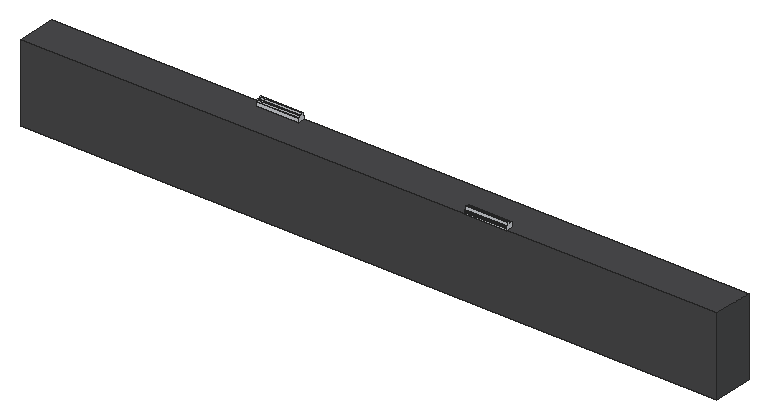
Revit family "DTM30U6.1.24", category Luminarias, Revit 2019
Family settings
  Cota de conector redondo = Diámetro de uso
  Tipo de pieza = Normal
  Se basa en plano de trabajo = Sí
  Siempre vertical = Sí
  Corte con vacíos al cargar = No
  Origen de luz = Sí
  Compartido = No
  Punto de cálculo de habitación = No
Parameters (values of type "RECTANGULAR DWN RIEL_DTM30U6.1.24")
  Ángulo de inclinación = 60.00°
  Zone [instance] = ""
  Watt per fixture = 15
  Wattage = 30.4 W
  built-in parameter 1150107 = 2700 (stored number, unit not read)
  built-in parameter 1150110 = 1 (stored number, unit not read)
  built-in parameter 1150109 = 1 (stored number, unit not read)
  built-in parameter 1150112 = 1 (stored number, unit not read)
  built-in parameter 1150113 = 1 (stored number, unit not read)
  built-in parameter 1114218 = 1 (stored number, unit not read)
  Keynote = ""
  built-in parameter 1150137 = (empty or 0)
  built-in parameter 1150132 = (empty or 0)
  Modelo = "DTM30U6.1.24"
  Lámpara = "3030SMD PHILIPS"
  built-in parameter 1150105 = 198.37 (stored number, unit not read)
  built-in parameter 1150102 = (empty or 0)
  built-in parameter 1150106 = 1.9837 (stored number, unit not read)
  Lumens = 2492.8 lm
  Color Filter = 16777215
  built-in parameter 1114217 = 1 (stored number, unit not read)
  built-in parameter 1150139 = (empty or 0)
  Fabricante = "BRILLANT"
  Default Elevation = 1219.2 mm
  built-in parameter 1150104 = 7.618 (stored number, unit not read)
  Descripción = "LUMINARIA DOWNLIGHT EN FORMATO RECTANGULAR COMPATIBLE CON RIEL DE 6 ENTRADAS Y 3 CIRCUITOS, CUERPO DE ALUMINIO ACABADO EN COLOR NEGRO, IP 20, PESO 1.40Kg, TIPO DE LED 3030SMD PHILIPS CON 30.4W TOTAL, 2300 LUMENES, 82LM/W, IRC 90, TEMPERATURA EN BLANCO CALIDO 2700K, 50 MIL HORAS DE VIDA PROMEDIO, APERTURA DE 24 GRADOS POR STOCK, ALIMENTADO A 90-240V"
  built-in parameter 1150115 = 1 (stored number, unit not read)
  built-in parameter 1150114 = 1 (stored number, unit not read)
  Comentarios de vataje = "90-240V"
  built-in parameter 1150138 = (empty or 0)
  built-in parameter 1150134 = (empty or 0)
  Circuit [instance] = ""
  Dimming Lamp Color Temperature Shift = (empty or 0)
  Archivo de red fotométrica = "L646A-30W-827-B-24_IESNA95.IES"
  built-in parameter 1150133 = 10 (stored number, unit not read)
Reference planes
  plane 1 "Centro (Frontal/Posterior)": y = 0
  plane 2: z = 0
  plane 3 "Centro (Izquierda/Derecha)": x = 0
Forms (mm)
  Extrusion 1, solid, material "Default Form"
    sketch origin (0, 0, 0) x (1, 0, 0) y (0, 0, 1)
      loop
        line (-323, 0) -> (-323, -72) -> (323, -72) -> (323, 0) -> (-323, 0)
    from -18.326 to 18.326
  Extrusion 2, solid
    sketch origin (0, 0, 3.217) x (0, 1, 0) y (0, 0, 1)
      loop
        line (-12.149, -3.217) -> (-12.149, 0) -> (-12.935, 0) -> (-12.935, 1.637) -> (-13.796, 1.637) -> (-13.796, 0) -> (-14.582, 0) -> (-14.582, 0.811) -> (-15.443, 0.811) -> (-15.443, 0) -> (-16.233, 0) -> (-16.233, 2.691) -> (-17.279, 2.691) -> (-17.279, 0) -> (-18.061, 0) -> (-18.061, -0.861) -> (-17.162, -0.861) -> (-17.162, -2.042) -> (-18.326, -2.042) -> (-18.326, -3.217) -> (-12.149, -3.217)
    from 89.098 to 128.24
  Extrusion 3, solid
    sketch origin (0, 0, 3.217) x (0, -1, 0) y (0, 0, 1)
      loop
        line (-12.149, -3.217) -> (-12.149, 0) -> (-12.935, 0) -> (-12.935, 1.637) -> (-13.796, 1.637) -> (-13.796, 0) -> (-14.582, 0) -> (-14.582, 0.811) -> (-15.443, 0.811) -> (-15.443, 0) -> (-16.233, 0) -> (-16.233, 2.691) -> (-17.279, 2.691) -> (-17.279, 0) -> (-18.061, 0) -> (-18.061, -0.861) -> (-17.162, -0.861) -> (-17.162, -2.042) -> (-18.326, -2.042) -> (-18.326, -3.217) -> (-12.149, -3.217)
    from 89.098 to 128.24
  Blend 4, void
    base sketch origin (-142.93, 0, 0) x (1, 0, 0) y (0, 1, 0)
      loop
        line (-162, 16.149) -> (-162, -16.149) -> (-144.14, -16.149) -> (-144.14, 16.149) -> (-162, 16.149)
    top sketch origin (-142.93, 0, 0) x (1, 0, 0) y (0, 1, 0)
      loop
        line (-160, 12.149) -> (-160, -12.149) -> (-146.14, -12.149) -> (-146.14, 12.149) -> (-160, 12.149)
    from -72 to -61.591
  Blend 5, void
    base sketch origin (-115.93, 0, 0) x (1, 0, 0) y (0, 1, 0)
      loop
        line (-162, 16.149) -> (-162, -16.149) -> (-144.14, -16.149) -> (-144.14, 16.149) -> (-162, 16.149)
    top sketch origin (-115.93, 0, 0) x (1, 0, 0) y (0, 1, 0)
      loop
        line (-160, 12.149) -> (-160, -12.149) -> (-146.14, -12.149) -> (-146.14, 12.149) -> (-160, 12.149)
    from -72 to -61.591
  Blend 6, void
    base sketch origin (-88.93, 0, 0) x (1, 0, 0) y (0, 1, 0)
      loop
        line (-162, 16.149) -> (-162, -16.149) -> (-144.14, -16.149) -> (-144.14, 16.149) -> (-162, 16.149)
    top sketch origin (-88.93, 0, 0) x (1, 0, 0) y (0, 1, 0)
      loop
        line (-160, 12.149) -> (-160, -12.149) -> (-146.14, -12.149) -> (-146.14, 12.149) -> (-160, 12.149)
    from -72 to -61.591
  Blend 7, void
    base sketch origin (-61.93, 0, 0) x (1, 0, 0) y (0, 1, 0)
      loop
        line (-162, 16.149) -> (-162, -16.149) -> (-144.14, -16.149) -> (-144.14, 16.149) -> (-162, 16.149)
    top sketch origin (-61.93, 0, 0) x (1, 0, 0) y (0, 1, 0)
      loop
        line (-160, 12.149) -> (-160, -12.149) -> (-146.14, -12.149) -> (-146.14, 12.149) -> (-160, 12.149)
    from -72 to -61.591
  Blend 8, void
    base sketch origin (-34.93, 0, 0) x (1, 0, 0) y (0, 1, 0)
      loop
        line (-162, 16.149) -> (-162, -16.149) -> (-144.14, -16.149) -> (-144.14, 16.149) -> (-162, 16.149)
    top sketch origin (-34.93, 0, 0) x (1, 0, 0) y (0, 1, 0)
      loop
        line (-160, 12.149) -> (-160, -12.149) -> (-146.14, -12.149) -> (-146.14, 12.149) -> (-160, 12.149)
    from -72 to -61.591
  Blend 9, void
    base sketch origin (-7.93, 0, 0) x (1, 0, 0) y (0, 1, 0)
      loop
        line (-162, 16.149) -> (-162, -16.149) -> (-144.14, -16.149) -> (-144.14, 16.149) -> (-162, 16.149)
    top sketch origin (-7.93, 0, 0) x (1, 0, 0) y (0, 1, 0)
      loop
        line (-160, 12.149) -> (-160, -12.149) -> (-146.14, -12.149) -> (-146.14, 12.149) -> (-160, 12.149)
    from -72 to -61.591
  Blend 10, void
    base sketch origin (19.07, 0, 0) x (1, 0, 0) y (0, 1, 0)
      loop
        line (-162, 16.149) -> (-162, -16.149) -> (-144.14, -16.149) -> (-144.14, 16.149) -> (-162, 16.149)
    top sketch origin (19.07, 0, 0) x (1, 0, 0) y (0, 1, 0)
      loop
        line (-160, 12.149) -> (-160, -12.149) -> (-146.14, -12.149) -> (-146.14, 12.149) -> (-160, 12.149)
    from -72 to -61.591
  Blend 11, void
    base sketch origin (46.07, 0, 0) x (1, 0, 0) y (0, 1, 0)
      loop
        line (-162, 16.149) -> (-162, -16.149) -> (-144.14, -16.149) -> (-144.14, 16.149) -> (-162, 16.149)
    top sketch origin (46.07, 0, 0) x (1, 0, 0) y (0, 1, 0)
      loop
        line (-160, 12.149) -> (-160, -12.149) -> (-146.14, -12.149) -> (-146.14, 12.149) -> (-160, 12.149)
    from -72 to -61.591
  Blend 12, void
    base sketch origin (73.07, 0, 0) x (1, 0, 0) y (0, 1, 0)
      loop
        line (-162, 16.149) -> (-162, -16.149) -> (-144.14, -16.149) -> (-144.14, 16.149) -> (-162, 16.149)
    top sketch origin (73.07, 0, 0) x (1, 0, 0) y (0, 1, 0)
      loop
        line (-160, 12.149) -> (-160, -12.149) -> (-146.14, -12.149) -> (-146.14, 12.149) -> (-160, 12.149)
    from -72 to -61.591
  Blend 13, void
    base sketch origin (100.07, 0, 0) x (1, 0, 0) y (0, 1, 0)
      loop
        line (-162, 16.149) -> (-162, -16.149) -> (-144.14, -16.149) -> (-144.14, 16.149) -> (-162, 16.149)
    top sketch origin (100.07, 0, 0) x (1, 0, 0) y (0, 1, 0)
      loop
        line (-160, 12.149) -> (-160, -12.149) -> (-146.14, -12.149) -> (-146.14, 12.149) -> (-160, 12.149)
    from -72 to -61.591
  Blend 14, void
    base sketch origin (127.07, 0, 0) x (1, 0, 0) y (0, 1, 0)
      loop
        line (-162, 16.149) -> (-162, -16.149) -> (-144.14, -16.149) -> (-144.14, 16.149) -> (-162, 16.149)
    top sketch origin (127.07, 0, 0) x (1, 0, 0) y (0, 1, 0)
      loop
        line (-160, 12.149) -> (-160, -12.149) -> (-146.14, -12.149) -> (-146.14, 12.149) -> (-160, 12.149)
    from -72 to -61.591
  Blend 15, void
    base sketch origin (154.07, 0, 0) x (1, 0, 0) y (0, 1, 0)
      loop
        line (-162, 16.149) -> (-162, -16.149) -> (-144.14, -16.149) -> (-144.14, 16.149) -> (-162, 16.149)
    top sketch origin (154.07, 0, 0) x (1, 0, 0) y (0, 1, 0)
      loop
        line (-160, 12.149) -> (-160, -12.149) -> (-146.14, -12.149) -> (-146.14, 12.149) -> (-160, 12.149)
    from -72 to -61.591
  Blend 16, void
    base sketch origin (181.07, 0, 0) x (1, 0, 0) y (0, 1, 0)
      loop
        line (-162, 16.149) -> (-162, -16.149) -> (-144.14, -16.149) -> (-144.14, 16.149) -> (-162, 16.149)
    top sketch origin (181.07, 0, 0) x (1, 0, 0) y (0, 1, 0)
      loop
        line (-160, 12.149) -> (-160, -12.149) -> (-146.14, -12.149) -> (-146.14, 12.149) -> (-160, 12.149)
    from -72 to -61.591
  Blend 17, void
    base sketch origin (208.07, 0, 0) x (1, 0, 0) y (0, 1, 0)
      loop
        line (-162, 16.149) -> (-162, -16.149) -> (-144.14, -16.149) -> (-144.14, 16.149) -> (-162, 16.149)
    top sketch origin (208.07, 0, 0) x (1, 0, 0) y (0, 1, 0)
      loop
        line (-160, 12.149) -> (-160, -12.149) -> (-146.14, -12.149) -> (-146.14, 12.149) -> (-160, 12.149)
    from -72 to -61.591
  Blend 18, void
    base sketch origin (235.07, 0, 0) x (1, 0, 0) y (0, 1, 0)
      loop
        line (-162, 16.149) -> (-162, -16.149) -> (-144.14, -16.149) -> (-144.14, 16.149) -> (-162, 16.149)
    top sketch origin (235.07, 0, 0) x (1, 0, 0) y (0, 1, 0)
      loop
        line (-160, 12.149) -> (-160, -12.149) -> (-146.14, -12.149) -> (-146.14, 12.149) -> (-160, 12.149)
    from -72 to -61.591
  Blend 19, void
    base sketch origin (262.07, 0, 0) x (1, 0, 0) y (0, 1, 0)
      loop
        line (-162, 16.149) -> (-162, -16.149) -> (-144.14, -16.149) -> (-144.14, 16.149) -> (-162, 16.149)
    top sketch origin (262.07, 0, 0) x (1, 0, 0) y (0, 1, 0)
      loop
        line (-160, 12.149) -> (-160, -12.149) -> (-146.14, -12.149) -> (-146.14, 12.149) -> (-160, 12.149)
    from -72 to -61.591
  Blend 20, void
    base sketch origin (289.07, 0, 0) x (1, 0, 0) y (0, 1, 0)
      loop
        line (-162, 16.149) -> (-162, -16.149) -> (-144.14, -16.149) -> (-144.14, 16.149) -> (-162, 16.149)
    top sketch origin (289.07, 0, 0) x (1, 0, 0) y (0, 1, 0)
      loop
        line (-160, 12.149) -> (-160, -12.149) -> (-146.14, -12.149) -> (-146.14, 12.149) -> (-160, 12.149)
    from -72 to -61.591
  Blend 21, void
    base sketch origin (316.07, 0, 0) x (1, 0, 0) y (0, 1, 0)
      loop
        line (-162, 16.149) -> (-162, -16.149) -> (-144.14, -16.149) -> (-144.14, 16.149) -> (-162, 16.149)
    top sketch origin (316.07, 0, 0) x (1, 0, 0) y (0, 1, 0)
      loop
        line (-160, 12.149) -> (-160, -12.149) -> (-146.14, -12.149) -> (-146.14, 12.149) -> (-160, 12.149)
    from -72 to -61.591
  Blend 22, void
    base sketch origin (343.07, 0, 0) x (1, 0, 0) y (0, 1, 0)
      loop
        line (-162, 16.149) -> (-162, -16.149) -> (-144.14, -16.149) -> (-144.14, 16.149) -> (-162, 16.149)
    top sketch origin (343.07, 0, 0) x (1, 0, 0) y (0, 1, 0)
      loop
        line (-160, 12.149) -> (-160, -12.149) -> (-146.14, -12.149) -> (-146.14, 12.149) -> (-160, 12.149)
    from -72 to -61.591
  Blend 23, void
    base sketch origin (370.07, 0, 0) x (1, 0, 0) y (0, 1, 0)
      loop
        line (-162, 16.149) -> (-162, -16.149) -> (-144.14, -16.149) -> (-144.14, 16.149) -> (-162, 16.149)
    top sketch origin (370.07, 0, 0) x (1, 0, 0) y (0, 1, 0)
      loop
        line (-160, 12.149) -> (-160, -12.149) -> (-146.14, -12.149) -> (-146.14, 12.149) -> (-160, 12.149)
    from -72 to -61.591
  Blend 24, void
    base sketch origin (397.07, 0, 0) x (1, 0, 0) y (0, 1, 0)
      loop
        line (-162, 16.149) -> (-162, -16.149) -> (-144.14, -16.149) -> (-144.14, 16.149) -> (-162, 16.149)
    top sketch origin (397.07, 0, 0) x (1, 0, 0) y (0, 1, 0)
      loop
        line (-160, 12.149) -> (-160, -12.149) -> (-146.14, -12.149) -> (-146.14, 12.149) -> (-160, 12.149)
    from -72 to -61.591
  Blend 25, void
    base sketch origin (424.07, 0, 0) x (1, 0, 0) y (0, 1, 0)
      loop
        line (-162, 16.149) -> (-162, -16.149) -> (-144.14, -16.149) -> (-144.14, 16.149) -> (-162, 16.149)
    top sketch origin (424.07, 0, 0) x (1, 0, 0) y (0, 1, 0)
      loop
        line (-160, 12.149) -> (-160, -12.149) -> (-146.14, -12.149) -> (-146.14, 12.149) -> (-160, 12.149)
    from -72 to -61.591
  Blend 26, void
    base sketch origin (451.07, 0, 0) x (1, 0, 0) y (0, 1, 0)
      loop
        line (-162, 16.149) -> (-162, -16.149) -> (-144.14, -16.149) -> (-144.14, 16.149) -> (-162, 16.149)
    top sketch origin (451.07, 0, 0) x (1, 0, 0) y (0, 1, 0)
      loop
        line (-160, 12.149) -> (-160, -12.149) -> (-146.14, -12.149) -> (-146.14, 12.149) -> (-160, 12.149)
    from -72 to -61.591
Cuts and joins
  Blend 4, Blend 5, Blend 6, Blend 7, Blend 8, Blend 9, Blend 10, Blend 11, Blend 12, Blend 13, Blend 14, Blend 15, Blend 16, Blend 17, Blend 18, Blend 19, Blend 20, Blend 21, Blend 22, Blend 23, Blend 24, Blend 25, Blend 26 cuts Extrusion 1
Dimensions and locks
  equal spacing: Extrusion 1, plane 1 "Centro (Frontal/Posterior)", Extrusion 1
  Extrusion 1 to plane 1 "Centro (Frontal/Posterior)" = 18.326 mm
  Extrusion 1 to Extrusion 1 = 36.651 mm
  Extrusion 1 to Extrusion 1 = 72 mm
  Extrusion 1 to Extrusion 1 = 646 mm
  cut or joined group 1 (Extrusion 1, Blend 4, Blend 5, Blend 6, Blend 7, Blend 8, Blend 9, Blend 10, Blend 11, Blend 12, Blend 13, Blend 14, Blend 15, Blend 16, Blend 17, Blend 18, Blend 19, Blend 20, Blend 21, Blend 22, Blend 23, Blend 24, Blend 25, Blend 26) to cut or joined group 1 = 72 mm
  cut or joined group 1 to cut or joined group 1 = 36.651 mm
  cut or joined group 1 to cut or joined group 1 = 646 mm
  equal spacing: cut or joined group 1, plane 1 "Centro (Frontal/Posterior)", cut or joined group 1
  aligned and locked: level to plane 2
Automatic sketch dimensions
  Extrusion 1 sketch curve to level = 0 mm
  Extrusion 1 sketch curve to level = 72 mm
  Extrusion 1 sketch curve to plane 3 "Centro (Izquierda/Derecha)" = 323 mm
  plane 3 "Centro (Izquierda/Derecha)" to Extrusion 1 sketch curve = 323 mm
  Extrusion 2 sketch curve to level = 0 mm
  level to Extrusion 2 sketch curve = 1.175 mm
  plane 1 "Centro (Frontal/Posterior)" to Extrusion 2 sketch curve = 18.326 mm
  Extrusion 2 sketch curve to Extrusion 2 sketch curve = 0.265 mm
  Extrusion 2 sketch curve to Extrusion 2 sketch curve = 0.782 mm
  Extrusion 2 sketch curve to Extrusion 2 sketch curve = 1.164 mm
  Extrusion 2 sketch curve to Extrusion 2 sketch curve = 1.046 mm
  Extrusion 2 sketch curve to Extrusion 2 sketch curve = 0.789 mm
  Extrusion 2 sketch curve to Extrusion 2 sketch curve = 0.861 mm  (x3)
  Extrusion 2 sketch curve to Extrusion 2 sketch curve = 0.786 mm
  Extrusion 2 sketch curve to Extrusion 2 sketch curve = 0.785 mm
  Extrusion 2 sketch curve to Extrusion 2 sketch curve = 1.181 mm
  level to Extrusion 2 sketch curve = 3.217 mm
  Extrusion 2 sketch curve to Extrusion 2 sketch curve = 0 mm  (x2)
  Extrusion 2 sketch curve to Extrusion 2 sketch curve = 0.811 mm
  Extrusion 2 sketch curve to Extrusion 2 sketch curve = 0.826 mm
  Extrusion 2 sketch curve to Extrusion 2 sketch curve = 1.88 mm
  Extrusion 3 sketch curve to level = 0 mm
  level to Extrusion 3 sketch curve = 1.175 mm
  Extrusion 3 sketch curve to plane 1 "Centro (Frontal/Posterior)" = 18.326 mm
  Extrusion 3 sketch curve to Extrusion 3 sketch curve = 0.265 mm
  Extrusion 3 sketch curve to Extrusion 3 sketch curve = 0.782 mm
  Extrusion 3 sketch curve to Extrusion 3 sketch curve = 1.164 mm
  Extrusion 3 sketch curve to Extrusion 3 sketch curve = 1.046 mm
  Extrusion 3 sketch curve to Extrusion 3 sketch curve = 0.789 mm
  Extrusion 3 sketch curve to Extrusion 3 sketch curve = 0.861 mm  (x3)
  Extrusion 3 sketch curve to Extrusion 3 sketch curve = 0.786 mm
  Extrusion 3 sketch curve to Extrusion 3 sketch curve = 0.785 mm
  Extrusion 3 sketch curve to Extrusion 3 sketch curve = 1.181 mm
  level to Extrusion 3 sketch curve = 3.217 mm
  Extrusion 3 sketch curve to Extrusion 3 sketch curve = 0 mm  (x2)
  Extrusion 3 sketch curve to Extrusion 3 sketch curve = 0.811 mm
  Extrusion 3 sketch curve to Extrusion 3 sketch curve = 0.826 mm
  Extrusion 3 sketch curve to Extrusion 3 sketch curve = 1.88 mm
  Blend 4 sketch curve to plane 1 "Centro (Frontal/Posterior)" = 16.149 mm
  Blend 4 sketch curve to plane 3 "Centro (Izquierda/Derecha)" = 304.93 mm
  Blend 4 sketch curve to Blend 4 sketch curve = 17.86 mm
  plane 1 "Centro (Frontal/Posterior)" to Blend 4 sketch curve = 16.149 mm
  Blend 4 sketch curve to plane 1 "Centro (Frontal/Posterior)" = 12.149 mm
  Blend 4 sketch curve to plane 3 "Centro (Izquierda/Derecha)" = 302.93 mm
  Blend 4 sketch curve to Blend 4 sketch curve = 13.86 mm
  plane 1 "Centro (Frontal/Posterior)" to Blend 4 sketch curve = 12.149 mm
  Blend 5 sketch curve to Blend 5 sketch curve = 17.86 mm
  Blend 5 sketch curve to Blend 5 sketch curve = 13.86 mm
  Blend 5 sketch curve to Blend 5 sketch curve = 32.298 mm
  Blend 5 sketch curve to Blend 5 sketch curve = 24.298 mm
  Blend 6 sketch curve to Blend 6 sketch curve = 17.86 mm
  Blend 6 sketch curve to Blend 6 sketch curve = 13.86 mm
  Blend 6 sketch curve to Blend 6 sketch curve = 32.298 mm
  Blend 6 sketch curve to Blend 6 sketch curve = 24.298 mm
  Blend 7 sketch curve to Blend 7 sketch curve = 17.86 mm
  Blend 7 sketch curve to Blend 7 sketch curve = 13.86 mm
  Blend 7 sketch curve to Blend 7 sketch curve = 32.298 mm
  Blend 7 sketch curve to Blend 7 sketch curve = 24.298 mm
  Blend 8 sketch curve to Blend 8 sketch curve = 17.86 mm
  Blend 8 sketch curve to Blend 8 sketch curve = 13.86 mm
  Blend 8 sketch curve to Blend 8 sketch curve = 32.298 mm
  Blend 8 sketch curve to Blend 8 sketch curve = 24.298 mm
  Blend 9 sketch curve to Blend 9 sketch curve = 17.86 mm
  Blend 9 sketch curve to Blend 9 sketch curve = 13.86 mm
  Blend 9 sketch curve to Blend 9 sketch curve = 32.298 mm
  Blend 9 sketch curve to Blend 9 sketch curve = 24.298 mm
  Blend 10 sketch curve to Blend 10 sketch curve = 17.86 mm
  Blend 10 sketch curve to Blend 10 sketch curve = 13.86 mm
  Blend 10 sketch curve to Blend 10 sketch curve = 32.298 mm
  Blend 10 sketch curve to Blend 10 sketch curve = 24.298 mm
  Blend 11 sketch curve to Blend 11 sketch curve = 17.86 mm
  Blend 11 sketch curve to Blend 11 sketch curve = 13.86 mm
  Blend 11 sketch curve to Blend 11 sketch curve = 32.298 mm
  Blend 11 sketch curve to Blend 11 sketch curve = 24.298 mm
  Blend 12 sketch curve to Blend 12 sketch curve = 17.86 mm
  Blend 12 sketch curve to Blend 12 sketch curve = 13.86 mm
  Blend 12 sketch curve to Blend 12 sketch curve = 32.298 mm
  Blend 12 sketch curve to Blend 12 sketch curve = 24.298 mm
  Blend 13 sketch curve to Blend 13 sketch curve = 17.86 mm
  Blend 13 sketch curve to Blend 13 sketch curve = 13.86 mm
  Blend 13 sketch curve to Blend 13 sketch curve = 32.298 mm
  Blend 13 sketch curve to Blend 13 sketch curve = 24.298 mm
  Blend 14 sketch curve to Blend 14 sketch curve = 17.86 mm
  Blend 14 sketch curve to Blend 14 sketch curve = 13.86 mm
  Blend 14 sketch curve to Blend 14 sketch curve = 32.298 mm
  Blend 14 sketch curve to Blend 14 sketch curve = 24.298 mm
  Blend 15 sketch curve to Blend 15 sketch curve = 17.86 mm
  Blend 15 sketch curve to Blend 15 sketch curve = 13.86 mm
  Blend 15 sketch curve to Blend 15 sketch curve = 32.298 mm
  Blend 15 sketch curve to Blend 15 sketch curve = 24.298 mm
  Blend 16 sketch curve to Blend 16 sketch curve = 17.86 mm
  Blend 16 sketch curve to Blend 16 sketch curve = 13.86 mm
  Blend 16 sketch curve to Blend 16 sketch curve = 32.298 mm
  Blend 16 sketch curve to Blend 16 sketch curve = 24.298 mm
  Blend 17 sketch curve to Blend 17 sketch curve = 17.86 mm
  Blend 17 sketch curve to Blend 17 sketch curve = 13.86 mm
  Blend 17 sketch curve to Blend 17 sketch curve = 32.298 mm
  Blend 17 sketch curve to Blend 17 sketch curve = 24.298 mm
  Blend 18 sketch curve to Blend 18 sketch curve = 17.86 mm
  Blend 18 sketch curve to Blend 18 sketch curve = 13.86 mm
  Blend 18 sketch curve to Blend 18 sketch curve = 32.298 mm
  Blend 18 sketch curve to Blend 18 sketch curve = 24.298 mm
  Blend 19 sketch curve to Blend 19 sketch curve = 17.86 mm
  Blend 19 sketch curve to Blend 19 sketch curve = 13.86 mm
  Blend 19 sketch curve to Blend 19 sketch curve = 32.298 mm
  Blend 19 sketch curve to Blend 19 sketch curve = 24.298 mm
  Blend 20 sketch curve to Blend 20 sketch curve = 17.86 mm
  Blend 20 sketch curve to Blend 20 sketch curve = 13.86 mm
  Blend 20 sketch curve to Blend 20 sketch curve = 32.298 mm
  Blend 20 sketch curve to Blend 20 sketch curve = 24.298 mm
  Blend 21 sketch curve to Blend 21 sketch curve = 17.86 mm
  Blend 21 sketch curve to Blend 21 sketch curve = 13.86 mm
  Blend 21 sketch curve to Blend 21 sketch curve = 32.298 mm
  Blend 21 sketch curve to Blend 21 sketch curve = 24.298 mm
  Blend 22 sketch curve to Blend 22 sketch curve = 17.86 mm
  Blend 22 sketch curve to Blend 22 sketch curve = 13.86 mm
  Blend 22 sketch curve to Blend 22 sketch curve = 32.298 mm
  Blend 22 sketch curve to Blend 22 sketch curve = 24.298 mm
  Blend 23 sketch curve to Blend 23 sketch curve = 17.86 mm
  Blend 23 sketch curve to Blend 23 sketch curve = 13.86 mm
  Blend 23 sketch curve to Blend 23 sketch curve = 32.298 mm
  Blend 23 sketch curve to Blend 23 sketch curve = 24.298 mm
  Blend 24 sketch curve to Blend 24 sketch curve = 17.86 mm
  Blend 24 sketch curve to Blend 24 sketch curve = 13.86 mm
  Blend 24 sketch curve to Blend 24 sketch curve = 32.298 mm
  Blend 24 sketch curve to Blend 24 sketch curve = 24.298 mm
  Blend 25 sketch curve to Blend 25 sketch curve = 17.86 mm
  Blend 25 sketch curve to Blend 25 sketch curve = 13.86 mm
  Blend 25 sketch curve to Blend 25 sketch curve = 32.298 mm
  Blend 25 sketch curve to Blend 25 sketch curve = 24.298 mm
  Blend 26 sketch curve to Blend 26 sketch curve = 17.86 mm
  Blend 26 sketch curve to Blend 26 sketch curve = 13.86 mm
  Blend 26 sketch curve to Blend 26 sketch curve = 32.298 mm
  Blend 26 sketch curve to Blend 26 sketch curve = 24.298 mm
  Blend 5 sketch curve to plane 1 "Centro (Frontal/Posterior)" = 16.149 mm
  Blend 5 sketch curve to plane 3 "Centro (Izquierda/Derecha)" = 277.93 mm
  Blend 5 sketch curve to plane 1 "Centro (Frontal/Posterior)" = 12.149 mm
  Blend 5 sketch curve to plane 3 "Centro (Izquierda/Derecha)" = 275.93 mm
  Blend 6 sketch curve to plane 1 "Centro (Frontal/Posterior)" = 16.149 mm
  Blend 6 sketch curve to plane 3 "Centro (Izquierda/Derecha)" = 250.93 mm
  Blend 6 sketch curve to plane 1 "Centro (Frontal/Posterior)" = 12.149 mm
  Blend 6 sketch curve to plane 3 "Centro (Izquierda/Derecha)" = 248.93 mm
  Blend 7 sketch curve to plane 1 "Centro (Frontal/Posterior)" = 16.149 mm
  Blend 7 sketch curve to plane 3 "Centro (Izquierda/Derecha)" = 223.93 mm
  Blend 7 sketch curve to plane 1 "Centro (Frontal/Posterior)" = 12.149 mm
  Blend 7 sketch curve to plane 3 "Centro (Izquierda/Derecha)" = 221.93 mm
  Blend 8 sketch curve to plane 1 "Centro (Frontal/Posterior)" = 16.149 mm
  Blend 8 sketch curve to plane 3 "Centro (Izquierda/Derecha)" = 196.93 mm
  Blend 8 sketch curve to plane 1 "Centro (Frontal/Posterior)" = 12.149 mm
  Blend 8 sketch curve to plane 3 "Centro (Izquierda/Derecha)" = 194.93 mm
  Blend 9 sketch curve to plane 1 "Centro (Frontal/Posterior)" = 16.149 mm
  Blend 9 sketch curve to plane 3 "Centro (Izquierda/Derecha)" = 169.93 mm
  Blend 9 sketch curve to plane 1 "Centro (Frontal/Posterior)" = 12.149 mm
  Blend 9 sketch curve to plane 3 "Centro (Izquierda/Derecha)" = 167.93 mm
  Blend 10 sketch curve to plane 1 "Centro (Frontal/Posterior)" = 16.149 mm
  Blend 10 sketch curve to plane 3 "Centro (Izquierda/Derecha)" = 142.93 mm
  Blend 10 sketch curve to plane 1 "Centro (Frontal/Posterior)" = 12.149 mm
  Blend 10 sketch curve to plane 3 "Centro (Izquierda/Derecha)" = 140.93 mm
  Blend 11 sketch curve to plane 1 "Centro (Frontal/Posterior)" = 16.149 mm
  Blend 11 sketch curve to plane 3 "Centro (Izquierda/Derecha)" = 115.93 mm
  Blend 11 sketch curve to plane 1 "Centro (Frontal/Posterior)" = 12.149 mm
  Blend 11 sketch curve to plane 3 "Centro (Izquierda/Derecha)" = 113.93 mm
  Blend 12 sketch curve to plane 1 "Centro (Frontal/Posterior)" = 16.149 mm
  Blend 12 sketch curve to plane 3 "Centro (Izquierda/Derecha)" = 88.93 mm
  Blend 12 sketch curve to plane 1 "Centro (Frontal/Posterior)" = 12.149 mm
  Blend 12 sketch curve to plane 3 "Centro (Izquierda/Derecha)" = 86.93 mm
  Blend 13 sketch curve to plane 1 "Centro (Frontal/Posterior)" = 16.149 mm
  Blend 13 sketch curve to plane 3 "Centro (Izquierda/Derecha)" = 61.93 mm
  Blend 13 sketch curve to plane 1 "Centro (Frontal/Posterior)" = 12.149 mm
  Blend 13 sketch curve to plane 3 "Centro (Izquierda/Derecha)" = 59.93 mm
  Blend 14 sketch curve to plane 1 "Centro (Frontal/Posterior)" = 16.149 mm
  Blend 14 sketch curve to plane 3 "Centro (Izquierda/Derecha)" = 34.93 mm
  Blend 14 sketch curve to plane 1 "Centro (Frontal/Posterior)" = 12.149 mm
  Blend 14 sketch curve to plane 3 "Centro (Izquierda/Derecha)" = 32.93 mm
  Blend 15 sketch curve to plane 3 "Centro (Izquierda/Derecha)" = 7.93 mm
  plane 1 "Centro (Frontal/Posterior)" to Blend 15 sketch curve = 16.149 mm
  Blend 15 sketch curve to plane 3 "Centro (Izquierda/Derecha)" = 5.93 mm
  plane 1 "Centro (Frontal/Posterior)" to Blend 15 sketch curve = 12.149 mm
  plane 3 "Centro (Izquierda/Derecha)" to Blend 16 sketch curve = 19.07 mm
  plane 1 "Centro (Frontal/Posterior)" to Blend 16 sketch curve = 16.149 mm
  plane 3 "Centro (Izquierda/Derecha)" to Blend 16 sketch curve = 21.07 mm
  plane 1 "Centro (Frontal/Posterior)" to Blend 16 sketch curve = 12.149 mm
  Blend 17 sketch curve to plane 1 "Centro (Frontal/Posterior)" = 16.149 mm
  plane 3 "Centro (Izquierda/Derecha)" to Blend 17 sketch curve = 46.07 mm
  Blend 17 sketch curve to plane 1 "Centro (Frontal/Posterior)" = 12.149 mm
  plane 3 "Centro (Izquierda/Derecha)" to Blend 17 sketch curve = 48.07 mm
  Blend 18 sketch curve to plane 1 "Centro (Frontal/Posterior)" = 16.149 mm
  plane 3 "Centro (Izquierda/Derecha)" to Blend 18 sketch curve = 73.07 mm
  Blend 18 sketch curve to plane 1 "Centro (Frontal/Posterior)" = 12.149 mm
  plane 3 "Centro (Izquierda/Derecha)" to Blend 18 sketch curve = 75.07 mm
  Blend 19 sketch curve to plane 1 "Centro (Frontal/Posterior)" = 16.149 mm
  plane 3 "Centro (Izquierda/Derecha)" to Blend 19 sketch curve = 100.07 mm
  Blend 19 sketch curve to plane 1 "Centro (Frontal/Posterior)" = 12.149 mm
  plane 3 "Centro (Izquierda/Derecha)" to Blend 19 sketch curve = 102.07 mm
  Blend 20 sketch curve to plane 1 "Centro (Frontal/Posterior)" = 16.149 mm
  plane 3 "Centro (Izquierda/Derecha)" to Blend 20 sketch curve = 127.07 mm
  Blend 20 sketch curve to plane 1 "Centro (Frontal/Posterior)" = 12.149 mm
  plane 3 "Centro (Izquierda/Derecha)" to Blend 20 sketch curve = 129.07 mm
  Blend 21 sketch curve to plane 1 "Centro (Frontal/Posterior)" = 16.149 mm
  plane 3 "Centro (Izquierda/Derecha)" to Blend 21 sketch curve = 154.07 mm
  Blend 21 sketch curve to plane 1 "Centro (Frontal/Posterior)" = 12.149 mm
  plane 3 "Centro (Izquierda/Derecha)" to Blend 21 sketch curve = 156.07 mm
  Blend 22 sketch curve to plane 1 "Centro (Frontal/Posterior)" = 16.149 mm
  plane 3 "Centro (Izquierda/Derecha)" to Blend 22 sketch curve = 181.07 mm
  Blend 22 sketch curve to plane 1 "Centro (Frontal/Posterior)" = 12.149 mm
  plane 3 "Centro (Izquierda/Derecha)" to Blend 22 sketch curve = 183.07 mm
  Blend 23 sketch curve to plane 1 "Centro (Frontal/Posterior)" = 16.149 mm
  plane 3 "Centro (Izquierda/Derecha)" to Blend 23 sketch curve = 208.07 mm
  Blend 23 sketch curve to plane 1 "Centro (Frontal/Posterior)" = 12.149 mm
  plane 3 "Centro (Izquierda/Derecha)" to Blend 23 sketch curve = 210.07 mm
  Blend 24 sketch curve to plane 1 "Centro (Frontal/Posterior)" = 16.149 mm
  plane 3 "Centro (Izquierda/Derecha)" to Blend 24 sketch curve = 235.07 mm
  Blend 24 sketch curve to plane 1 "Centro (Frontal/Posterior)" = 12.149 mm
  plane 3 "Centro (Izquierda/Derecha)" to Blend 24 sketch curve = 237.07 mm
  Blend 25 sketch curve to plane 1 "Centro (Frontal/Posterior)" = 16.149 mm
  plane 3 "Centro (Izquierda/Derecha)" to Blend 25 sketch curve = 262.07 mm
  Blend 25 sketch curve to plane 1 "Centro (Frontal/Posterior)" = 12.149 mm
  plane 3 "Centro (Izquierda/Derecha)" to Blend 25 sketch curve = 264.07 mm
  Blend 26 sketch curve to plane 1 "Centro (Frontal/Posterior)" = 16.149 mm
  plane 3 "Centro (Izquierda/Derecha)" to Blend 26 sketch curve = 289.07 mm
  Blend 26 sketch curve to plane 1 "Centro (Frontal/Posterior)" = 12.149 mm
  plane 3 "Centro (Izquierda/Derecha)" to Blend 26 sketch curve = 291.07 mm
Connectors
  electrical at (0, 0, 0)
    settings: on cut or joined group 1, index 1, voltage 240 V, apparent load 0 VA, apparent load phase1 0 VA, apparent load phase2 0 VA, apparent load phase3 0 VA, power factor 1, load classification "Otro", number of poles 1, system type 31, power factor state 1, is connector primary yes, connector utility no, sub classification motor no, connector description ""
